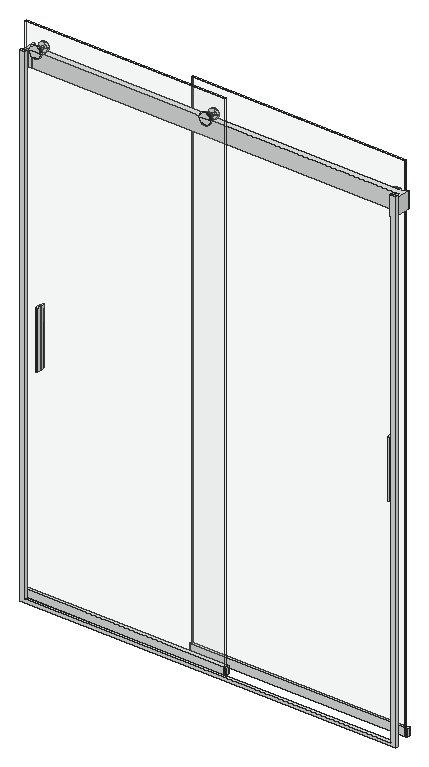
Revit family "Shower-Shower_Door-KOHLER-Levity-K-706013_1", category Specialty Equipment, host Face, Revit 2015 (continued)
Definition of nested family "K-706013"
  Automatic sketch dimensions
    Masking region 2 sketch curve to Masking region 2 sketch curve = 0.00026"
    Masking region 2 sketch curve to plane 9 = 0.986"
    Masking region 2 sketch curve to Masking region 2 sketch curve = 0.43288"
    Masking region 2 sketch curve to Masking region 2 sketch curve = 0.02303"  (x3)
    Masking region 2 sketch curve to plane 9 = 0.45969"
    Masking region 2 sketch curve to plane 9 = 0.33944"
    Masking region 2 sketch curve to plane 9 = 0.316"
    Masking region 2 sketch curve to plane 9 = 0.27"
    Masking region 2 sketch curve to Masking region 2 sketch curve = 0.06122"
    Masking region 2 sketch curve to plane 9 = 0.05588"
    Masking region 2 sketch curve to plane 9 = 0.02284"
    Masking region 2 sketch curve to Masking region 2 sketch curve = 0.02245"
    Masking region 2 sketch curve to Masking region 2 sketch curve = 0.08169"  (x3)
    Masking region 2 sketch curve to Masking region 2 sketch curve = 0.10067"
    Masking region 2 sketch curve to Masking region 2 sketch curve = 0.02637"
    Masking region 2 sketch curve to Masking region 2 sketch curve = 39/256"
    Masking region 2 sketch curve to Masking region 2 sketch curve = 0.00472"
    Masking region 2 sketch curve to Masking region 2 sketch curve = 0.34322"
    Masking region 2 sketch curve to Masking region 2 sketch curve = 0.02653"
    Masking region 2 sketch curve to Masking region 2 sketch curve = 0.43876"
    Masking region 2 sketch curve to Masking region 2 sketch curve = 0.47437"
    Masking region 2 sketch curve to Masking region 2 sketch curve = 7/128"
    Masking region 2 sketch curve to Masking region 2 sketch curve = 0.01089"
    Masking region 2 sketch curve to Masking region 2 sketch curve = 0.01095"
    Masking region 2 sketch curve to Masking region 2 sketch curve = 0.17618"  (x2)
    Masking region 2 sketch curve to Masking region 2 sketch curve = 0"
    Masking region 2 sketch curve to Masking region 2 sketch curve = 0.04139"
    Masking region 2 sketch curve to Masking region 2 sketch curve = 0.00879"
    Masking region 2 sketch curve to Masking region 2 sketch curve = 0.07527"
    Masking region 2 sketch curve to Masking region 2 sketch curve = 0.01092"
    Masking region 2 sketch curve to Masking region 2 sketch curve = 0.17567"
    Masking region 2 sketch curve to Masking region 2 sketch curve = 0.3262"
    Masking region 2 sketch curve to Masking region 2 sketch curve = 0.00458"
    Masking region 2 sketch curve to Masking region 2 sketch curve = 0.07972"
    Masking region 2 sketch curve to Masking region 2 sketch curve = 0.207"
    Masking region 2 sketch curve to Masking region 2 sketch curve = 0.03212"
    Masking region 2 sketch curve to Masking region 2 sketch curve = 0.23398"
    Masking region 2 sketch curve to Masking region 2 sketch curve = 0.16637"
    curve 40 to plane 8 = 0"
    plane 14 to curve 30 = 0"
    plane 14 to curve 62 = 0"
    curve 54 to plane 9 = 0"
    plane 8 to curve 40 = 3/128"
    curve 40 to curve 39 = 0.00041"
    curve 40 to curve 41 = 0.26241"
    curve 41 to curve 39 = 0.0004"
    curve 41 to curve 32 = 0.02315"
    curve 41 to curve 38 = 0.06"
    curve 31 to curve 33 = 0.06"  (x2)
    curve 115 to plane 14 = 0.09122"
    curve 32 to curve 115 = 1.00264"
    curve 108 to plane 14 = 0.05119"
    curve 107 to curve 108 = 0.04003"
    curve 106 to curve 113 = 0.04022"
    curve 106 to curve 128 = 0.17215"
    curve 123 to curve 127 = 0.00263"
    curve 127 to curve 133 = 0.02711"
    curve 133 to curve 134 = 0.03032"
    curve 123 to curve 124 = 0.515"
    curve 124 to curve 122 = 0.09"
    curve 116 to plane 14 = 0.02905"
    curve 108 to curve 116 = 1.04459"
    curve 122 to curve 126 = 0.33"
    curve 118 to plane 14 = 0.0564"
    curve 117 to curve 118 = 0.20716"
    curve 126 to curve 130 = 0.45246"
    curve 131 to plane 13 = 1.11932"
    curve 132 to curve 131 = 0.03346"
    curve 129 to plane 13 = 1.14531"
    curve 131 to curve 129 = 0.02646"
    curve 132 to curve 123 = 0.06254"
    curve 113 to plane 14 = 0.25819"
    curve 118 to curve 113 = 0.51589"
    curve 112 to curve 110 = 0.00018"
    curve 109 to curve 115 = 0.04003"
    curve 45 to plane 13 = 0.38046"
    curve 45 to plane 3 "Center (Left/Right)" = 2.9965"
    curve 46 to plane 13 = 0.70146"
    curve 45 to curve 46 = 0.06"
    curve 44 to curve 51 = 0.06"
    plane 3 "Center (Left/Right)" to curve 89 = 0.05914"
    curve 90 to curve 91 = 0.04003"
    curve 89 to curve 93 = 0.04022"
    plane 3 "Center (Left/Right)" to curve 77 = 0.2715"
    curve 76 to curve 87 = 0.00263"
    curve 77 to curve 82 = 0.02755"
    curve 83 to curve 83 = 0.02928"
    curve 76 to curve 69 = 0.515"
    curve 68 to curve 68 = 0.09"
    curve 66 to curve 84 = 0.03167"
    curve 65 to curve 70 = 0.17666"
    curve 67 to curve 85 = 0.24"
    curve 72 to curve 86 = 0.09"
    curve 74 to curve 81 = 0.4586"
    curve 80 to plane 13 = 1.11561"
    curve 81 to curve 80 = 0.02406"
    curve 81 to curve 87 = 0.0297"
    curve 78 to curve 78 = 0.00263"
    curve 88 to plane 14 = 0.25819"
    curve 70 to curve 88 = 0.80882"
    curve 94 to plane 14 = 0.05119"
    curve 88 to curve 94 = 0.00018"
    curve 88 to curve 100 = 0.04022"
    curve 37 to plane 10 = 0.06001"
    curve 34 to plane 10 = 0.06001"
    curve 37 to plane 10 = 0"
    curve 47 to plane 9 = 0.376"
    curve 51 to plane 9 = 0.376"
    curve 47 to curve 49 = 0.06"  (x2)
    curve 53 to plane 9 = 0.02385"
    curve 53 to curve 54 = 0.00041"
    curve 117 to curve 117 = 0.02924"
    curve 91 to curve 100 = 0.04003"
    curve 114 to curve 106 = 0.04022"
    curve 95 to curve 88 = 0.04022"
    curve 32 to plane 14 = 0.55119"
    curve 32 to curve 39 = 0.00127"
    curve 32 to curve 39 = 0.00585"
    curve 41 to curve 32 = 0.031"
    curve 37 to curve 36 = 0.06"
    curve 31 to curve 43 = 0.261"
    curve 36 to curve 35 = 0.261"
    curve 104 to curve 102 = 0.62668"
    curve 64 to curve 72 = 0.30867"
    curve 71 to curve 85 = 1/4"
    curve 102 to curve 126 = 0.31299"
    curve 123 to curve 127 = 0.26733"
    curve 68 to curve 69 = 0.159"
    curve 132 to curve 131 = 0.03406"
    curve 134 to curve 130 = 0.04288"
    curve 76 to curve 83 = 0.26559"
    curve 80 to curve 81 = 0.0297"
    curve 81 to curve 81 = 0.02406"
    curve 46 to curve 46 = 0.06"
    curve 48 to curve 54 = 0.15693"
    curve 48 to curve 49 = 0.261"
    curve 44 to curve 44 = 0.06"
    curve 32 to curve 30 = 0.39976"
    curve 106 to curve 119 = 0.23457"
    curve 119 to plane 14 = 0.4"
    curve 119 to curve 119 = 0.00272"
    curve 104 to curve 119 = 0"
    curve 103 to curve 102 = 0.24"
    curve 121 to curve 102 = 0.29203"
    curve 102 to curve 103 = 0.02163"
    curve 105 to curve 112 = 0.23729"
    curve 120 to plane 14 = 0.4"
    curve 120 to curve 105 = 0"
    curve 120 to curve 120 = 0.00324"
    curve 52 to plane 13 = 0.21883"
    curve 44 to curve 52 = 1.27711"
    curve 61 to curve 52 = 0"  (x2)
    curve 52 to plane 3 "Center (Left/Right)" = 0.33361"
    curve 88 to curve 96 = 0.23392"
    curve 96 to curve 96 = 0.00337"
    curve 98 to curve 96 = 0"
    curve 63 to curve 65 = 0"
    curve 64 to curve 70 = 0"
    curve 99 to curve 88 = 0.23729"
    curve 97 to plane 14 = 0.4"
    curve 97 to curve 99 = 0"
    curve 97 to plane 14 = 0.25859"
    curve 97 to curve 97 = 0.00247"
    curve 58 to plane 13 = 0.21883"
    curve 58 to curve 50 = 2.60289"
    curve 58 to curve 59 = 0.00031"
    curve 59 to curve 56 = 0.22839"
    curve 56 to curve 57 = 0.02157"
    curve 60 to plane 13 = 0.01183"
    curve 58 to curve 60 = 0.27209"
    curve 60 to curve 60 = 0.28479"
    curve 57 to curve 57 = 0.32523"
    curve 57 to curve 56 = 0.02157"
    curve 59 to plane 13 = 0.25096"
    curve 60 to curve 59 = 0.76663"
    curve 59 to curve 58 = 0.00031"
    curve 62 to plane 9 = 0.76871"
    curve 55 to curve 47 = 0.06025"
    curve 53 to curve 49 = 0"
    curve 96 to curve 96 = 0.14181"
    curve 30 to curve 30 = 0.4"
    curve 62 to curve 62 = 0.4"
    curve 99 to curve 99 = 0.0695"
    curve 104 to curve 104 = 0.0695"
    curve 105 to curve 105 = 0.0695"
    curve 98 to curve 98 = 0.0695"
    curve 103 to curve 102 = 0.17618"
    curve 64 to curve 64 = 0.0695"
    curve 63 to curve 63 = 0.0695"
    curve 33 to curve 43 = 0.1242"
    curve 70 to curve 70 = 0.06299"
    curve 65 to curve 65 = 0.06299"
    curve 57 to curve 59 = 0.69567"
    curve 55 to curve 47 = 0.0695"
    curve 57 to curve 56 = 0.17567"
    curve 55 to curve 47 = 0"
    curve 53 to curve 49 = 0.08574"
    curve 61 to curve 52 = 0.03212"
    curve 122 to curve 102 = 0.24"
    curve 103 to curve 122 = 0.17618"
    Masking region 3 sketch curve to level = 0"
    Masking region 3 sketch curve to plane 14 = 0"
    Masking region 3 sketch curve to plane 11 = 0"  (x2)
    Masking region 3 sketch curve to plane 13 = 0"  (x2)
    Masking region 3 sketch curve to Masking region 3 sketch curve = 0.05119"
    Masking region 3 sketch curve to Masking region 3 sketch curve = 0.04001"  (x2)
    Masking region 3 sketch curve to Masking region 3 sketch curve = 0.12679"
    Masking region 3 sketch curve to plane 14 = 0.25819"
    Masking region 3 sketch curve to plane 14 = 0.4"  (x2)
    Masking region 3 sketch curve to plane 14 = 0.48169"
    Masking region 3 sketch curve to plane 14 = 0.55119"
    Masking region 3 sketch curve to Masking region 3 sketch curve = 0.0695"  (x4)
    Masking region 3 sketch curve to Masking region 3 sketch curve = 0.381"  (x4)
    Masking region 3 sketch curve to Masking region 3 sketch curve = 0"  (x11)
    Masking region 3 sketch curve to Masking region 3 sketch curve = 0.51786"
    Masking region 3 sketch curve to Masking region 3 sketch curve = 0.55867"
    Masking region 3 sketch curve to Masking region 3 sketch curve = 0.159"  (x2)
    Masking region 3 sketch curve to Masking region 3 sketch curve = 0.38885"
    Masking region 3 sketch curve to Masking region 3 sketch curve = 0.26"
    Masking region 3 sketch curve to Masking region 3 sketch curve = 0.00733"
    Masking region 3 sketch curve to Masking region 3 sketch curve = 0.02602"
    Masking region 3 sketch curve to Masking region 3 sketch curve = 0.30691"
    Masking region 3 sketch curve to plane 13 = 0.77096"
    Masking region 3 sketch curve to plane 13 = 0.70146"
    Masking region 3 sketch curve to Masking region 3 sketch curve = 0.40427"
    Masking region 3 sketch curve to plane 13 = 0.32046"
    Masking region 3 sketch curve to Masking region 3 sketch curve = 0.11346"  (x2)
    Masking region 3 sketch curve to plane 13 = 0.207"
    Masking region 3 sketch curve to Masking region 3 sketch curve = 0.04037"  (x4)
    Masking region 3 sketch curve to plane 13 = 0.04063"  (x2)
    level to Masking region 3 sketch curve = 1/2"  (x2)
    Masking region 3 sketch curve to Masking region 3 sketch curve = 1.17671"  (x2)
    Masking region 3 sketch curve to Masking region 3 sketch curve = 31.72525"
    Masking region 3 sketch curve to Masking region 3 sketch curve = 9.04478"
    plane 12 to Masking region 3 sketch curve = 0.6365"
    Masking region 3 sketch curve to Masking region 3 sketch curve = 0.13595"
    Masking region 3 sketch curve to Masking region 3 sketch curve = 0.04063"
    Masking region 3 sketch curve to Masking region 3 sketch curve = 1.55802"
    Masking region 3 sketch curve to Masking region 3 sketch curve = 0.23596"
    Masking region 3 sketch curve to Masking region 3 sketch curve = 0.00026"
    Masking region 3 sketch curve to Masking region 3 sketch curve = 0.57567"
    Masking region 3 sketch curve to Masking region 3 sketch curve = 0.02276"
    Masking region 3 sketch curve to Masking region 3 sketch curve = 0.22159"
    Masking region 3 sketch curve to Masking region 3 sketch curve = 0.42825"
    Masking region 3 sketch curve to Masking region 3 sketch curve = 0.51825"
    Masking region 3 sketch curve to Masking region 3 sketch curve = 0.23999"
    Masking region 3 sketch curve to Masking region 3 sketch curve = 0.09001"
    Masking region 3 sketch curve to Masking region 3 sketch curve = 0.54249"
    Masking region 3 sketch curve to Masking region 3 sketch curve = 0.45307"
    Masking region 3 sketch curve to Masking region 3 sketch curve = 0.02631"
    Masking region 3 sketch curve to Masking region 3 sketch curve = 0.06193"
    Masking region 3 sketch curve to Masking region 3 sketch curve = 0.23466"
    Masking region 3 sketch curve to Masking region 3 sketch curve = 0.00018"
    Masking region 3 sketch curve to Masking region 3 sketch curve = 0.23591"
    Masking region 3 sketch curve to Masking region 3 sketch curve = 0.00118"
    Masking region 3 sketch curve to Masking region 3 sketch curve = 0.00077"
    Masking region 3 sketch curve to Masking region 3 sketch curve = 0.0012"
    Masking region 3 sketch curve to Masking region 3 sketch curve = 0.00265"
    Masking region 3 sketch curve to Masking region 3 sketch curve = 0.16637"
    curve 139 to plane 14 = 0"
    curve 139 to plane 14 = 0.4"
    curve 152 to plane 13 = 0.46579"
    plane 12 to curve 151 = 0.6365"
    curve 151 to curve 151 = 2.569"
    curve 153 to curve 139 = 0.19882"
    curve 141 to plane 14 = 0.09121"
    curve 141 to curve 142 = 0.12679"
    curve 142 to curve 140 = 0.0402"
    curve 137 to plane 14 = 0.4"
    curve 138 to curve 155 = 0.14849"
    curve 140 to curve 156 = 0.2903"
    curve 137 to curve 146 = 0.15119"
    curve 135 to plane 14 = 0.55119"
    curve 157 to plane 14 = 0.55232"
    curve 157 to curve 157 = 0.37987"
    curve 138 to curve 158 = 0.53219"
    curve 155 to curve 155 = 0.3837"
    curve 135 to curve 135 = 0.381"
    curve 146 to curve 143 = 0.381"
    curve 158 to curve 159 = 0.55867"
    curve 159 to curve 160 = 0.159"
    curve 154 to curve 160 = 0"
    curve 160 to curve 161 = 0.26733"
    curve 161 to curve 154 = 0.03957"
    curve 136 to plane 13 = 0.70146"
    curve 152 to curve 151 = 0.23567"
    curve 144 to plane 13 = 0.70146"
    curve 153 to curve 151 = 0.23567"
    curve 148 to plane 13 = 0.32046"
    curve 136 to plane 13 = 0.32046"
    curve 145 to plane 13 = 0.32046"
    curve 148 to curve 147 = 0.11346"
    curve 149 to plane 13 = 0.16663"
    curve 150 to plane 13 = 0.04063"
    plane 12 to curve 157 = 0.6365"
    curve 144 to plane 12 = 32.49076"
    curve 144 to curve 145 = 0"  (x2)
    curve 143 to curve 144 = 0"
    curve 146 to curve 143 = 0"  (x2)
    curve 137 to curve 146 = 0"  (x2)
    curve 144 to curve 144 = 9.04478"
    curve 146 to curve 144 = 0"
    level to curve 135 = 1.67671"
    level to curve 136 = 1.67671"
    curve 151 to curve 150 = 0.13595"
    curve 149 to curve 150 = 0"  (x2)
    curve 149 to curve 147 = 0.27628"
    curve 147 to curve 148 = 0.00118"
    curve 148 to curve 151 = 0.83543"
    curve 148 to curve 147 = 0.00077"
    curve 147 to curve 149 = 0.27659"
    curve 138 to curve 138 = 0.22159"
    curve 138 to curve 156 = 0.00118"
    curve 156 to curve 155 = 0.02158"
    curve 154 to curve 153 = 0"
    curve 154 to curve 160 = 0.42825"
    curve 160 to curve 159 = 0.09"
    curve 155 to curve 158 = 0.51825"
    curve 158 to curve 158 = 0.23999"
    curve 159 to curve 159 = 0.23999"
    curve 159 to curve 160 = 0.09001"
    curve 158 to curve 156 = 0.54126"
    curve 156 to curve 140 = 0.00124"
    curve 160 to curve 161 = 0.51237"
    curve 140 to curve 142 = 0.27486"
    curve 141 to curve 142 = 0"
    Extrusion 10 sketch curve to plane 9 = 0"
    Extrusion 10 sketch curve to level = 0"
    plane 8 to Extrusion 10 sketch curve = 0.76876"
    Extrusion 10 sketch curve to plane 9 = 0.76871"
    level to Extrusion 10 sketch curve = 1/2"
    Extrusion 10 sketch curve to plane 8 = 0"
    plane 12 to Extrusion 10 sketch curve = 3.40432"  (x2)
    plane 8 to Extrusion 11 sketch curve = 0.309"
    Extrusion 11 sketch curve to plane 9 = 0.316"
    Extrusion 11 sketch curve to plane 13 = 0.70146"
    Extrusion 11 sketch curve to plane 3 "Center (Left/Right)" = 2.9965"
    Extrusion 11 sketch curve to plane 10 = 0"
    Extrusion 11 sketch curve to plane 14 = 0.93219"
    Extrusion 12 sketch curve to plane 14 = 0.55119"
    plane 8 to Extrusion 12 sketch curve = 2.36628"
    Extrusion 12 sketch curve to Extrusion 12 sketch curve = 0.00053"  (x4)
    Extrusion 12 sketch curve to plane 13 = 1.2236"
    Extrusion 12 sketch curve to plane 9 = 2.75872"
    plane 13 to Extrusion 12 sketch curve = 0.1974"
    Extrusion 12 sketch curve to Extrusion 12 sketch curve = 0.38439"  (x2)
    Extrusion 12 sketch curve to Extrusion 12 sketch curve = 0.381"
    Extrusion 12 sketch curve to Extrusion 12 sketch curve = 0.52214"
    Extrusion 12 sketch curve to plane 13 = 0.32046"
    Extrusion 12 sketch curve to plane 14 = 0.02905"
    Extrusion 12 sketch curve to Extrusion 12 sketch curve = 0.51786"
    Extrusion 13 sketch curve to plane 8 = 0"
    Extrusion 13 sketch curve to plane 9 = 0"
    Extrusion 13 sketch curve to Extrusion 13 sketch curve = 3/128"  (x2)
    plane 8 to Extrusion 13 sketch curve = 3/128"
    Extrusion 13 sketch curve to Extrusion 13 sketch curve = 0.00041"  (x4)
    Extrusion 13 sketch curve to Extrusion 13 sketch curve = 0.26213"
    Extrusion 13 sketch curve to Extrusion 13 sketch curve = 0.26241"
    Extrusion 13 sketch curve to Extrusion 13 sketch curve = 0.0004"
    plane 8 to Extrusion 13 sketch curve = 0.309"
    Extrusion 13 sketch curve to plane 9 = 0.41323"  (x2)
    Extrusion 13 sketch curve to plane 9 = 0.02385"
    Extrusion 13 sketch curve to plane 9 = 0.02284"
    Extrusion 13 sketch curve to Extrusion 13 sketch curve = 0.02245"
    Extrusion 13 sketch curve to plane 14 = 0.55233"
    Extrusion 13 sketch curve to Extrusion 13 sketch curve = 0.00458"  (x2)
    Extrusion 13 sketch curve to Extrusion 13 sketch curve = 0.4762"
    Extrusion 13 sketch curve to Extrusion 13 sketch curve = 0.3262"
    Extrusion 13 sketch curve to plane 13 = 0.48453"
    Extrusion 13 sketch curve to Extrusion 13 sketch curve = 0.0068"
    Extrusion 13 sketch curve to Extrusion 13 sketch curve = 0.00681"
    Extrusion 13 sketch curve to Extrusion 13 sketch curve = 0.49725"
    Extrusion 13 sketch curve to Extrusion 13 sketch curve = 0.34754"
    plane 10 to Extrusion 14 sketch curve = 5/16"
    Extrusion 14 sketch curve to plane 9 = 0"
    Extrusion 14 sketch curve to plane 14 = 1.00169"
    Extrusion 14 sketch curve to Extrusion 14 sketch curve = 0.52"  (x2)
    plane 8 to Extrusion 14 sketch curve = 0"
    Extrusion 14 sketch curve to plane 13 = 0.25096"
    Extrusion 14 sketch curve to plane 3 "Center (Left/Right)" = 3.3015"
    Extrusion 2 sketch curve to plane 5 = 0"
    Extrusion 2 sketch curve to plane 6 = 0.06"  (x2)
    plane 5 to Extrusion 2 sketch curve = 0.06"  (x2)
    Extrusion 2 sketch curve to plane 4 = 0.06"  (x2)
    plane 7 to Extrusion 2 sketch curve = 0.06"  (x2)
    Extrusion 2 sketch curve to plane 14 = 0.55119"
    Extrusion 2 sketch curve to Extrusion 2 sketch curve = 0.06"  (x8)
    Extrusion 2 sketch curve to plane 13 = 0.70146"
    radius of curve 28 = 0.93736"
    radius of curve 29 = 0.93736"
Types (5): name | Type | Model | Finish
  (no name) | 1 | "K-706013-L-SHP" | Kohler-Metal-SHP-Bright_Polished_Silver
  SHP - Bright Polished Silver | 1 | "K-706013-L-SHP" | Kohler-Metal-SHP-Bright_Polished_Silver
  NX - Brushed Nickel | 2 | "K-706013-L-NX" | Kohler-Metal-NX-Brushed_Nickel
  ABV - Anodized Brushed Bronze | 3 | "K-706013-L-ABV" | Kohler-Metal-ABV-Anodized_Brushed_Bronze
  ABZ - Anodized Dark Bronze | 4 | "K-706013-L-ABZ" | Kohler-Metal-ABZ-Anodized_Dark_Bronze
